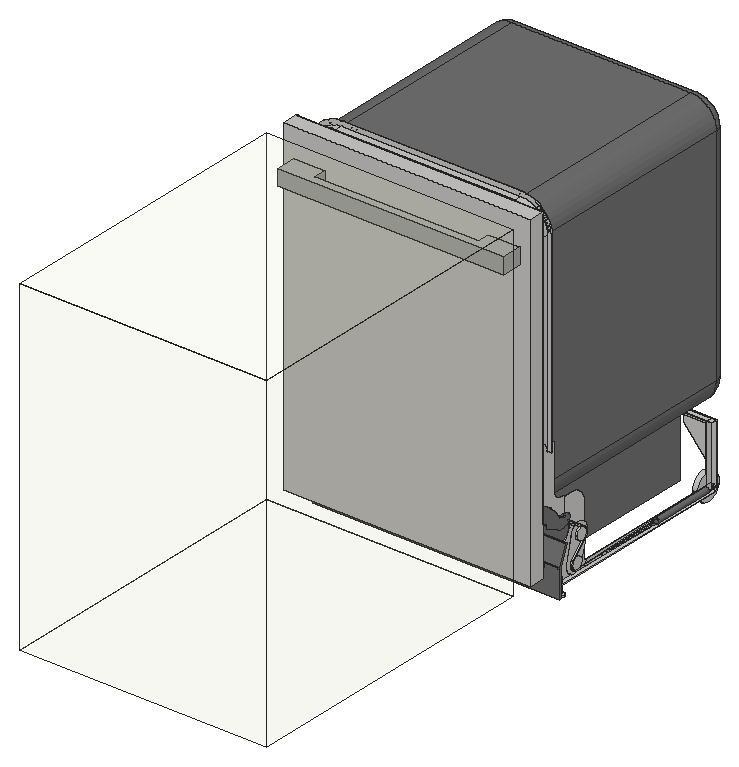
Revit family "P190780JX-055c_JDTSS246GM_Dish_Dishwashers", category Specialty Equipment, Revit 2026
Family settings
  Round Connector Dimension = Use Diameter
  Part Type = Normal
  Work Plane-Based = No
  Enable Cutting in Views = No
  Always vertical = Yes
  Cut with Voids When Loaded = No
  Maintain Annotation Orientation = No
  Shared = No
  Room Calculation Point = No
Parameters (values of type "JDTSS246GM")
  Width = 23 7/8"
  Voltage = 0 V
  URL = ""
  Show Clearance [instance] = yes
  Model = "JDTSS246GM"
  Manufacturer = "Jenn Air"
  Installation-Fabrication = "http://access.whirlpool.com/mr/getMediaType.do?mediaType=Installation Instruction&sku=JDTSS246GM&language=EN"
  Height = 34 1/2"
  Handle Material = ARCAT - Metal - Steel - Gray
  Feature 3 = "Precision Dry® Plus Option\r\nOption de séchage Precision Dry® Plus"
  Feature 2 = "38 dBA Quiet System\r\nSystème insonore de 38 dBA"
  Feature 1 = "TriFecta™ Wash System\r\nSystème de lavage TriFectaTM"
  Family Name = "DISHWASHERS NOIR"
  Energy Guide = "http://access.whirlpool.com/mr/getMediaType.do?mediaType=Energy Guide&sku=JDTSS246GM&language=EN"
  Drawn By = ""
  Door Material = ARCAT - Metal - Steel - Stainless
  Dimension Guide = "http://access.whirlpool.com/mr/getMediaType.do?mediaType=Dimension Guide&sku=JDTSS246GM&language=EN"
  Description = "NOIR™ 24\" TriFecta™ Dishwasher, 38 dBA\r\nLave-vaisselle TriFecta™  NOIR™, 38 dBA, 24 po"
  Depth = 26 1/2"
  Default Elevation = 0"
  Copyright = ""
  Clearance Material = ARCAT - Clearance
  Body Material = ARCAT - Plastic, ABS - Black
  Amps = 0 A
  Accent Material = ARCAT - Metal - Steel - Stainless
Reference planes (in)
  plane 1 "Center (Front/Back)": y = 0
  plane 2: z = 0
  plane 3 "Center (Left/Right)": x = 0
  plane 4: x = -11.9375
  plane 5: x = 11.9375
  plane 6: z = 34.5
  plane 7: y = -26.5
Forms (in)
  Extrusion 1, solid, material "ARCAT - Plastic, ABS - Black" <- "Body Material"
    sketch origin (-11.9375, -57.75476, 48) x (0, -1, 0) y (0, 0, 1)
      loop
        line (-36.75476, -48) -> (-36.75476, -45.30638)
        arc (-36.75476, -45.30638) -> (-36.75745, -45.28077) -> (-36.76541, -45.25628) r 0.12317
        line (-36.76541, -45.25628) -> (-37.54736, -43.5) -> (-37.68419, -43.5) -> (-36.87976, -45.30677) -> (-36.87976, -48) -> (-36.75476, -48)
    from 0 to -23.875
  Extrusion 2, solid, material "ARCAT - Plastic, ABS - Black" <- "Body Material"
    sketch origin (0, 0, -4.80271) x (1, 0, 0) y (0, 0, 1)
      loop
        circle (0, 13.96677) r 0.25
    from 0 to -0.03125
  Extrusion 3, solid, material "ARCAT - Metal - Steel - Stainless" <- "Accent Material"
    sketch origin (-11.9375, -23.09375, 48) x (-1, 0, 0) y (0, 0, 1)
      loop
        line (-3.28392, -13.96875) -> (-20.59108, -13.96875)
        arc (-20.59108, -13.96875) -> (-22.35885, -14.70098) -> (-23.09108, -16.46875) r 2.5
        line (-23.09108, -16.46875) -> (-23.09108, -37.5)
        arc (-23.09108, -37.5) -> (-22.35885, -39.26777) -> (-20.59108, -40) r 2.5
        line (-20.59108, -40) -> (-3.28392, -40)
        arc (-3.28392, -40) -> (-1.51615, -39.26777) -> (-0.78392, -37.5) r 2.5
        line (-0.78392, -37.5) -> (-0.78392, -16.46875)
        arc (-0.78392, -16.46875) -> (-1.51615, -14.70098) -> (-3.28392, -13.96875) r 2.5
      loop
        arc (-0.81517, -16.46875) -> (-1.53825, -14.72308) -> (-3.28392, -14) r 2.46875
        line (-3.28392, -14) -> (-20.59108, -14)
        arc (-20.59108, -14) -> (-22.33675, -14.72308) -> (-23.05983, -16.46875) r 2.46875
        line (-23.05983, -16.46875) -> (-23.05983, -37.5)
        arc (-23.05983, -37.5) -> (-22.33675, -39.24567) -> (-20.59108, -39.96875) r 2.46875
        line (-20.59108, -39.96875) -> (-3.28392, -39.96875)
        arc (-3.28392, -39.96875) -> (-1.53825, -39.24567) -> (-0.81517, -37.5) r 2.46875
        line (-0.81517, -37.5) -> (-0.81517, -16.46875)
    from 0.15625 to 1.5625
  Extrusion 4, solid, material "ARCAT - Metal - Steel - Stainless" <- "Accent Material"
    sketch origin (-10.81517, -20.875, 2.69323) x (0, 0, -1) y (-1, 0, 0)
      loop
        line (0, -22.125) -> (0, -22.625) -> (2.69323, -22.625) -> (2.69323, -22.125) -> (0, -22.125)
    from 0 to 0.03125
  Extrusion 5, solid, material "ARCAT - Metal - Steel - Stainless" <- "Accent Material"
    sketch origin (-58.87767, -180, 1) x (-1, 0, 0) y (0, -1, 0)
      loop
        line (-70.1875, -162.96208) -> (-70.1875, -159.2415) -> (-70.6875, -159.2415) -> (-70.6875, -162.96208) -> (-70.1875, -162.96208)
    from 0 to 0.03125
  Extrusion 6, solid, material "ARCAT - Metal - Steel - Stainless" <- "Accent Material"
    sketch origin (1.13796, -14.04043, 0) x (1, 0, 0) y (0, 1, 0)
      loop
        line (10.18942, -6.01357) -> (9.98605, -6.36582) -> (10.18942, -6.71808) -> (10.59617, -6.71808) -> (10.79954, -6.36582) -> (10.59617, -6.01357) -> (10.18942, -6.01357)
    from 0 to 0.17136
  Extrusion 7, solid, material "ARCAT - Metal - Steel - Stainless" <- "Accent Material"
    sketch origin (1.13796, -20.66768, 0.17136) x (1, 0, 0) y (0, -1, 0)
      loop
        circle (10.39279, -0.26143) r 0.11142
    from 0 to -1.41017
  Extrusion 8, solid, material "ARCAT - Metal - Steel - Stainless" <- "Accent Material"
    sketch origin (-11.9375, -21.5, 48) x (-1, 0, 0) y (0, 0, 1)
      loop
        arc (-3.28392, -14) -> (-1.53825, -14.72308) -> (-0.81517, -16.46875) r 2.46875
        line (-0.81517, -16.46875) -> (-0.81517, -35.1557) -> (-0.31517, -35.1557) -> (-0.31517, -16.46875)
        arc (-0.31517, -16.46875) -> (-1.18469, -14.36953) -> (-3.28392, -13.5) r 2.96875
        line (-3.28392, -13.5) -> (-20.59108, -13.5)
        arc (-20.59108, -13.5) -> (-22.69031, -14.36953) -> (-23.55983, -16.46875) r 2.96875
        line (-23.55983, -16.46875) -> (-23.55983, -35.1557) -> (-23.05983, -35.1557) -> (-23.05983, -16.46875)
        arc (-23.05983, -16.46875) -> (-22.33675, -14.72308) -> (-20.59108, -14) r 2.46875
        line (-20.59108, -14) -> (-3.28392, -14)
    from 0 to -0.03125
  Extrusion 9, solid, material "ARCAT - Plastic, ABS - Black" <- "Body Material"
    sketch origin (-11.9375, -21.5, 48) x (-1, 0, 0) y (0, 0, 1)
      loop
        arc (-3.28392, -14) -> (-1.53825, -14.72308) -> (-0.81517, -16.46875) r 2.46875
        line (-0.81517, -16.46875) -> (-0.81517, -35.1557) -> (-0.56517, -35.1557) -> (-0.56517, -16.46875)
        arc (-0.56517, -16.46875) -> (-1.36147, -14.5463) -> (-3.28392, -13.75) r 2.71875
        line (-3.28392, -13.75) -> (-20.59108, -13.75)
        arc (-20.59108, -13.75) -> (-22.51353, -14.5463) -> (-23.30983, -16.46875) r 2.71875
        line (-23.30983, -16.46875) -> (-23.30983, -35.1557) -> (-23.05983, -35.1557) -> (-23.05983, -16.46875)
        arc (-23.05983, -16.46875) -> (-22.33675, -14.72308) -> (-20.59108, -14) r 2.46875
        line (-20.59108, -14) -> (-3.28392, -14)
    from 0 to 0.03125
  Extrusion 10, solid, material "ARCAT - Plastic, ABS - Black" <- "Body Material"
    sketch origin (-11.9375, -21.46875, 48) x (-1, 0, 0) y (0, 0, 1)
      loop
        line (-23.05983, -16.46875) -> (-23.05983, -38.0625)
        arc (-23.05983, -38.0625) -> (-22.33675, -39.80817) -> (-20.59108, -40.53125) r 2.46875
        line (-20.59108, -40.53125) -> (-3.28392, -40.53125)
        arc (-3.28392, -40.53125) -> (-1.53825, -39.80817) -> (-0.81517, -38.0625) r 2.46875
        line (-0.81517, -38.0625) -> (-0.81517, -16.46875)
        arc (-0.81517, -16.46875) -> (-1.53825, -14.72308) -> (-3.28392, -14) r 2.46875
        line (-3.28392, -14) -> (-20.59108, -14)
        arc (-20.59108, -14) -> (-22.33675, -14.72308) -> (-23.05983, -16.46875) r 2.46875
    from 0 to 20.46875
  Extrusion 11, solid, material "ARCAT - Metal - Steel - Stainless" <- "Accent Material"
    sketch origin (10.81517, -20.875, 2.69323) x (0, 0, -1) y (-1, 0, 0)
      loop
        line (0, 22.125) -> (2.69323, 22.125) -> (2.69323, 22.625) -> (0, 22.625) -> (0, 22.125)
    from 0 to 0.03125
  Extrusion 12, solid, material "ARCAT - Metal - Steel - Stainless" <- "Accent Material"
    sketch origin (58.87767, -180, 1) x (1, 0, 0) y (0, 1, 0)
      loop
        line (-70.1875, 162.96208) -> (-70.6875, 162.96208) -> (-70.6875, 159.2415) -> (-70.1875, 159.2415) -> (-70.1875, 162.96208)
    from 0 to 0.03125
  Extrusion 13, solid, material "ARCAT - Metal - Steel - Stainless" <- "Accent Material"
    sketch origin (-1.13796, -14.04043, 0) x (-1, 0, 0) y (0, -1, 0)
      loop
        line (10.18942, 6.01357) -> (10.59617, 6.01357) -> (10.79954, 6.36582) -> (10.59617, 6.71808) -> (10.18942, 6.71808) -> (9.98605, 6.36582) -> (10.18942, 6.01357)
    from 0 to 0.17136
  Extrusion 14, solid, material "ARCAT - Metal - Steel - Stainless" <- "Accent Material"
    sketch origin (-1.13796, -20.66768, 0.17136) x (1, 0, 0) y (0, -1, 0)
      loop
        circle (-10.39279, -0.26143) r 0.11142
    from 0 to -1.41017
  Extrusion 15, solid, material "ARCAT - Metal - Steel - Stainless" <- "Accent Material"
    sketch origin (11.70828, -60, 48) x (0, -1, 0) y (0, 0, 1)
      loop
        line (-42.35258, -43.18837) -> (-39.90933, -41.86561)
        arc (-39.90933, -41.86561) -> (-39.83747, -41.59241) -> (-40.1147, -41.53817) r 0.19365
        line (-40.1147, -41.53817) -> (-42.37042, -43.1627)
        arc (-42.37042, -43.1627) -> (-42.63255, -43.59787) -> (-42.46637, -44.07795) r 0.59929
        line (-42.46637, -44.07795) -> (-40.99828, -45.58915)
        arc (-40.99828, -45.58915) -> (-40.89129, -46.20997) -> (-41.42303, -46.54779) r 0.56808
        line (-41.42303, -46.54779) -> (-50.31371, -46.35437)
        arc (-50.31371, -46.35437) -> (-50.51154, -46.5476) -> (-50.31439, -46.74153) r 0.19362
        line (-50.31439, -46.74153) -> (-41.39975, -46.57908)
        arc (-41.39975, -46.57908) -> (-40.85794, -46.21154) -> (-40.97573, -45.56751) r 0.59933
        line (-40.97573, -45.56751) -> (-42.44396, -44.05618)
        arc (-42.44396, -44.05618) -> (-42.60144, -43.60088) -> (-42.35258, -43.18837) r 0.56804
      loop
        line (-42.15383, -43.04523) -> (-39.92516, -41.83865)
        arc (-39.92516, -41.83865) -> (-39.86493, -41.60964) -> (-40.09732, -41.56416) r 0.16233
        line (-40.09732, -41.56416) -> (-42.15383, -43.04523)
      loop
        line (-42.19353, -46.56229) -> (-50.31449, -46.38561)
        arc (-50.31449, -46.38561) -> (-50.48039, -46.54766) -> (-50.31507, -46.71029) r 0.16237
        line (-50.31507, -46.71029) -> (-42.19353, -46.56229)
    from 0 to 0.125
  Extrusion 16, solid, material "ARCAT - Plastic, ABS - Black" <- "Body Material"
    sketch origin (11.73953, -60, 48.34143) x (0, -1, 0) y (0, 0, 1)
      loop
        arc (-37.03125, -39.45025) -> (-38.24485, -40.15261) -> (-39.12194, -41.24661) r 3.80767
        arc (-39.12194, -41.24661) -> (-39.18369, -41.32451) -> (-39.2689, -41.3757) r 0.27803
        line (-39.2689, -41.3757) -> (-39.84827, -41.59463) -> (-39.77234, -41.32042)
        arc (-39.77234, -41.32042) -> (-40.0881, -41.37906) -> (-40.36175, -41.54715) r 0.87948
        arc (-40.36175, -41.54715) -> (-40.4693, -41.73261) -> (-40.44872, -41.94601) r 0.35047
        arc (-40.44872, -41.94601) -> (-39.85658, -42.47082) -> (-39.07447, -42.35098) r 0.93155
        arc (-39.07447, -42.35098) -> (-38.43292, -41.97076) -> (-37.75311, -41.66416) r 6.70372
        arc (-37.75311, -41.66416) -> (-37.48919, -41.17994) -> (-37.03125, -40.87268) r 1.15813
        line (-37.03125, -40.87268) -> (-37.03125, -39.45025)
    from 0 to 0.03125
  Extrusion 17, solid, material "ARCAT - Plastic, ABS - Black" <- "Body Material"
    sketch origin (0, -17.03792, 1.03125) x (0, -1, 0) y (1, 0, 0)
      loop
        line (-14.6473, -8.65358) -> (3.03265, -8.65358) -> (3.03265, 8.65358) -> (-14.6473, 8.65358) -> (-14.6473, -8.65358)
    from 0 to 6.4375
  Extrusion 18, solid, material "ARCAT - Metal - Steel - Stainless" <- "Accent Material"
    sketch origin (11.80983, -17.03792, 1) x (-1, 0, 0) y (0, 0, 1)
      loop
        line (0, 0) -> (0.53125, 0) -> (0.53125, 0.55028) -> (0.5, 0.55028) -> (0.5, 0.03125) -> (0, 0.03125) -> (0, 0)
    from 0 to 15.17855
  Extrusion 19, solid, material "ARCAT - Metal - Steel - Stainless" <- "Accent Material"
    sketch origin (-11.80983, -17.03792, 1) x (1, 0, 0) y (0, 0, -1)
      loop
        line (0, 0) -> (0, -0.03125) -> (0.5, -0.03125) -> (0.5, -0.55028) -> (0.53125, -0.55028) -> (0.53125, 0) -> (0, 0)
    from 0 to 15.17855
  Extrusion 20, solid, material "ARCAT - Metal - Steel - Stainless" <- "Accent Material"
    sketch origin (11.30983, -21.5, 1) x (1, 0, 0) y (0, -1, 0)
      loop
        line (-0.03125, -19.64063) -> (-0.03125, -19.10938) -> (-0.0625, -19.10938) -> (-0.0625, -19.67188) -> (0.5, -19.67188) -> (0.5, -19.64063) -> (-0.03125, -19.64063)
    from 0 to -6.09375
  Extrusion 21, solid, material "ARCAT - Metal - Steel - Stainless" <- "Accent Material"
    sketch origin (-11.30983, -21.5, 1) x (1, 0, 0) y (0, -1, 0)
      loop
        line (0.03125, -19.64062) -> (-0.5, -19.64062) -> (-0.5, -19.67187) -> (0.0625, -19.67187) -> (0.0625, -19.10937) -> (0.03125, -19.10937) -> (0.03125, -19.64062)
    from 0 to -6.09375
  Extrusion 22, solid, material "ARCAT - Metal - Steel - Stainless" <- "Accent Material"
    sketch origin (-9.53075, -2.10938, 7.09375) x (1, 0, 0) y (0, 1, 0)
      loop
        line (21.34059, 0.28125) -> (-2.27908, 0.28125) -> (-2.27908, -0.28125) -> (21.34059, -0.28125) -> (21.34059, 0.28125)
    from 0 to 0.03125
  Extrusion 23, solid, material "ARCAT - Metal - Steel - Stainless" <- "Accent Material"
    sketch origin (-9.53075, -2.10938, 7.09375) x (0, 1, 0) y (1, 0, 0)
      loop
        line (0.25, -1.71658) -> (0.28125, -1.71658) -> (0.28125, 20.77809) -> (0.25, 20.77809) -> (0.25, -1.71658)
    from 0 to 0.59375
  Extrusion 24, solid, material "ARCAT - Metal - Steel - Stainless" <- "Accent Material"
    sketch origin (11.27858, -1.82813, 1) x (1, 0, 0) y (0, 0, -1)
      loop
        line (-2.59375, -6.125) -> (0.5, -6.125)
        arc (0.5, -6.125) -> (0.5221, -6.11585) -> (0.53125, -6.09375) r 0.03125
        line (0.53125, -6.09375) -> (0.53125, -4.90625)
        arc (0.53125, -4.90625) -> (0.5221, -4.88415) -> (0.5, -4.875) r 0.03125
        line (0.5, -4.875) -> (0.0625, -4.875)
        arc (0.0625, -4.875) -> (0.0404, -4.88415) -> (0.03125, -4.90625) r 0.03125
        line (0.03125, -4.90625) -> (0.03125, -5.59375)
        arc (0.03125, -5.59375) -> (0.0221, -5.61585) -> (0, -5.625) r 0.03125
        line (0, -5.625) -> (-0.4375, -5.625)
        arc (-0.4375, -5.625) -> (-0.4596, -5.61585) -> (-0.46875, -5.59375) r 0.03125
        line (-0.46875, -5.59375) -> (-0.46875, -4.89392)
        arc (-0.46875, -4.89392) -> (-0.46607, -4.87581) -> (-0.45825, -4.85925) r 0.0625
        line (-0.45825, -4.85925) -> (0.0127, -4.15283)
        arc (0.0127, -4.15283) -> (0.03521, -4.1324) -> (0.0647, -4.125) r 0.0625
        line (0.0647, -4.125) -> (0.5, -4.125)
        arc (0.5, -4.125) -> (0.5221, -4.11585) -> (0.53125, -4.09375) r 0.03125
        line (0.53125, -4.09375) -> (0.53125, -2.40625)
        arc (0.53125, -2.40625) -> (0.5221, -2.38415) -> (0.5, -2.375) r 0.03125
        line (0.5, -2.375) -> (-0.49811, -2.375)
        arc (-0.49811, -2.375) -> (-0.52452, -2.38086) -> (-0.54598, -2.39733) r 0.0625
        line (-0.54598, -2.39733) -> (-2.61038, -4.85757)
        arc (-2.61038, -4.85757) -> (-2.62123, -4.87637) -> (-2.625, -4.89775) r 0.0625
        line (-2.625, -4.89775) -> (-2.625, -6.09375)
        arc (-2.625, -6.09375) -> (-2.61585, -6.11585) -> (-2.59375, -6.125) r 0.03125
    from 0 to 0.03125
  Extrusion 25, solid, material "ARCAT - Metal - Steel - Stainless" <- "Accent Material"
    sketch origin (-11.27858, -1.82813, 1) x (-1, 0, 0) y (0, 0, 1)
      loop
        arc (-2.59375, 6.125) -> (-2.61585, 6.11585) -> (-2.625, 6.09375) r 0.03125
        line (-2.625, 6.09375) -> (-2.625, 4.89775)
        arc (-2.625, 4.89775) -> (-2.62123, 4.87637) -> (-2.61038, 4.85757) r 0.0625
        line (-2.61038, 4.85757) -> (-0.54598, 2.39733)
        arc (-0.54598, 2.39733) -> (-0.52452, 2.38086) -> (-0.49811, 2.375) r 0.0625
        line (-0.49811, 2.375) -> (0.5, 2.375)
        arc (0.5, 2.375) -> (0.5221, 2.38415) -> (0.53125, 2.40625) r 0.03125
        line (0.53125, 2.40625) -> (0.53125, 4.09375)
        arc (0.53125, 4.09375) -> (0.5221, 4.11585) -> (0.5, 4.125) r 0.03125
        line (0.5, 4.125) -> (0.0647, 4.125)
        arc (0.0647, 4.125) -> (0.03521, 4.1324) -> (0.0127, 4.15283) r 0.0625
        line (0.0127, 4.15283) -> (-0.45825, 4.85925)
        arc (-0.45825, 4.85925) -> (-0.46607, 4.87581) -> (-0.46875, 4.89392) r 0.0625
        line (-0.46875, 4.89392) -> (-0.46875, 5.59375)
        arc (-0.46875, 5.59375) -> (-0.4596, 5.61585) -> (-0.4375, 5.625) r 0.03125
        line (-0.4375, 5.625) -> (0, 5.625)
        arc (0, 5.625) -> (0.0221, 5.61585) -> (0.03125, 5.59375) r 0.03125
        line (0.03125, 5.59375) -> (0.03125, 4.90625)
        arc (0.03125, 4.90625) -> (0.0404, 4.88415) -> (0.0625, 4.875) r 0.03125
        line (0.0625, 4.875) -> (0.5, 4.875)
        arc (0.5, 4.875) -> (0.5221, 4.88415) -> (0.53125, 4.90625) r 0.03125
        line (0.53125, 4.90625) -> (0.53125, 6.09375)
        arc (0.53125, 6.09375) -> (0.5221, 6.11585) -> (0.5, 6.125) r 0.03125
        line (0.5, 6.125) -> (-2.59375, 6.125)
    from 0 to 0.03125
  Extrusion 26, solid, material "ARCAT - Plastic, ABS - Black" <- "Body Material"
    sketch origin (-0.19797, -8.93248, 1.45207) x (0, 0, -1) y (1, 0, 0)
      loop
        circle (0, 11.84375) r 0.25
    from 0 to -6.04769
  Sweep 27, solid, material "ARCAT - Plastic, ABS - Black" <- "Body Material"
    path origin (-0.19797, -9.37275, 1.45207) x (1, 0, 0) y (0, 1, 0)
      loop
        line (11.62549, 0.44027) -> (11.62549, -0.0685)
        arc (11.62549, -0.0685) -> (11.6621, -0.15688) -> (11.75049, -0.1935) r 0.125
        line (11.75049, -0.1935) -> (11.97876, -0.1935)
        arc (11.97876, -0.1935) -> (12.06715, -0.15688) -> (12.10376, -0.0685) r 0.125
        line (12.10376, -0.0685) -> (12.10376, 0.04066)
    profile origin (11.42752, -9.18686, 1.45207) x (1, 0, 0) y (0, 0, 1)
      loop
        circle (0, 0) r 0.03171
  Sweep 28, solid, material "ARCAT - Plastic, ABS - Black" <- "Body Material"
    path origin (23.48953, -2.44452, 1.45207) x (-1, 0, 0) y (0, -1, 0)
      loop
        line (11.62549, 0.44027) -> (11.62549, -0.63258)
        arc (11.62549, -0.63258) -> (11.6621, -0.72097) -> (11.75049, -0.75758) r 0.125
        line (11.75049, -0.75758) -> (11.83378, -0.75758)
        arc (11.83378, -0.75758) -> (11.92217, -0.72097) -> (11.95878, -0.63258) r 0.125
        line (11.95878, -0.63258) -> (11.95878, -0.38258)
    profile origin (11.86404, -2.34836, 1.45207) x (-1, 0, 0) y (0, 0, 1)
      loop
        circle (0, 0) r 0.03171
  Extrusion 29, solid, material "ARCAT - Plastic, ABS - Black" <- "Body Material"
    sketch origin (0.19797, -8.93248, 1.45207) x (0, 0, -1) y (1, 0, 0)
      loop
        circle (0, -11.84375) r 0.25
    from 0 to -6.04769
  Sweep 30, solid, material "ARCAT - Plastic, ABS - Black" <- "Body Material"
    path origin (0.19797, -9.37275, 1.45207) x (1, 0, 0) y (0, 1, 0)
      loop
        line (-11.62549, 0.44027) -> (-11.62549, -0.0685)
        arc (-11.62549, -0.0685) -> (-11.6621, -0.15688) -> (-11.75049, -0.1935) r 0.125
        line (-11.75049, -0.1935) -> (-11.97876, -0.1935)
        arc (-11.97876, -0.1935) -> (-12.06715, -0.15688) -> (-12.10376, -0.0685) r 0.125
        line (-12.10376, -0.0685) -> (-12.10376, 0.04066)
    profile origin (-11.42752, -9.18686, 1.45207) x (1, 0, 0) y (0, 0, 1)
      loop
        circle (0, 0) r 0.03171
  Sweep 31, solid, material "ARCAT - Plastic, ABS - Black" <- "Body Material"
    path origin (-23.48953, -2.44452, 1.45207) x (-1, 0, 0) y (0, -1, 0)
      loop
        line (-11.62549, 0.44027) -> (-11.62549, -0.63258)
        arc (-11.62549, -0.63258) -> (-11.6621, -0.72097) -> (-11.75049, -0.75758) r 0.125
        line (-11.75049, -0.75758) -> (-11.83378, -0.75758)
        arc (-11.83378, -0.75758) -> (-11.92217, -0.72097) -> (-11.95878, -0.63258) r 0.125
        line (-11.95878, -0.63258) -> (-11.95878, -0.38258)
    profile origin (-11.86404, -2.34836, 1.45207) x (-1, 0, 0) y (0, 0, 1)
      loop
        circle (0, 0) r 0.03171
  Extrusion 32, solid, material "ARCAT - Plastic, ABS - Black" <- "Body Material"
    sketch origin (-9.4995, -2.10938, 7.125) x (1, 0, 0) y (0, 1, 0)
      loop
        line (18.15309, 0.28125) -> (0.84592, 0.28125) -> (0.84592, -0.28125) -> (18.15309, -0.28125) -> (18.15309, 0.28125)
    from 0 to 0.34375
  Extrusion 33, solid, material "ARCAT - Metal - Steel - Stainless" <- "Accent Material"
    sketch origin (11.30983, -59.15625, 48.46875) x (0, 1, 0) y (0, 0, 1)
      loop
        arc (39.71323, -46.37519) -> (40.31236, -47.3718) -> (41.33324, -46.81503) r 0.84007
        line (41.33324, -46.81503) -> (42.09474, -44.41382)
        arc (42.09474, -44.41382) -> (41.44094, -43.21503) -> (40.27065, -43.91857) r 0.9459
        line (40.27065, -43.91857) -> (39.71323, -46.37519)
    from 0 to 0.125
  Extrusion 34, solid, material "ARCAT - Metal - Steel - Stainless" <- "Accent Material"
    sketch origin (11.43483, -59.15625, 48.46875) x (0, 1, 0) y (0, 0, 1)
      loop
        circle (41.19278, -44.12911) r 0.56804
      loop
        circle (40.56692, -46.4486) r 0.56808
    from 0 to 0.27345
  Sweep 35, solid, material "ARCAT - Plastic, ABS - Black" <- "Body Material"
    path origin (-11.9375, -1, 48) x (-1, 0, 0) y (0, 0, 1)
      loop
        arc (-23.05983, -38.0625) -> (-22.33675, -39.80817) -> (-20.59108, -40.53125) r 2.46875
        line (-20.59108, -40.53125) -> (-3.28392, -40.53125)
        arc (-3.28392, -40.53125) -> (-1.53825, -39.80817) -> (-0.81517, -38.0625) r 2.46875
        line (-0.81517, -38.0625) -> (-0.81517, -16.46875)
        arc (-0.81517, -16.46875) -> (-1.53825, -14.72308) -> (-3.28392, -14) r 2.46875
        line (-3.28392, -14) -> (-20.59108, -14)
        arc (-20.59108, -14) -> (-22.33675, -14.72308) -> (-23.05983, -16.46875) r 2.46875
        line (-23.05983, -16.46875) -> (-23.05983, -38.0625)
    profile origin (11.12233, -1, 20.73437) x (1, 0, 0) y (0, 1, 0)
      loop
        arc (0, 0) -> (-0.29289, 0.70711) -> (-1, 1) r 1
        line (-1, 1) -> (-1, 0) -> (0, 0)
  Extrusion 36, solid, material "ARCAT - Plastic, ABS - Black" <- "Body Material"
    sketch origin (8.65358, -1, 9.9375) x (0, 0, -1) y (1, 0, 0)
      loop
        arc (1.46875, 0) -> (1.03856, 1.03856) -> (0, 1.46875) r 1.46875
        line (0, 1.46875) -> (-21.59375, 1.46875)
        arc (-21.59375, 1.46875) -> (-22.63231, 1.03856) -> (-23.0625, 0) r 1.46875
        line (-23.0625, 0) -> (-23.0625, -17.30717)
        arc (-23.0625, -17.30717) -> (-22.63231, -18.34573) -> (-21.59375, -18.77592) r 1.46875
        line (-21.59375, -18.77592) -> (0, -18.77592)
        arc (0, -18.77592) -> (1.03856, -18.34573) -> (1.46875, -17.30717) r 1.46875
        line (1.46875, -17.30717) -> (1.46875, 0)
    from 0 to -1
  Extrusion 37, solid, material "ARCAT - Metal - Steel - Stainless" <- "Accent Material"
    sketch origin (-11.70828, -60, 48) x (0, -1, 0) y (0, 0, -1)
      loop
        arc (-42.35258, 43.18837) -> (-42.60144, 43.60088) -> (-42.44396, 44.05618) r 0.56804
        line (-42.44396, 44.05618) -> (-40.97573, 45.56751)
        arc (-40.97573, 45.56751) -> (-40.85794, 46.21154) -> (-41.39975, 46.57908) r 0.59933
        line (-41.39975, 46.57908) -> (-50.31439, 46.74153)
        arc (-50.31439, 46.74153) -> (-50.51154, 46.5476) -> (-50.31371, 46.35437) r 0.19362
        line (-50.31371, 46.35437) -> (-41.42303, 46.54779)
        arc (-41.42303, 46.54779) -> (-40.89129, 46.20997) -> (-40.99828, 45.58915) r 0.56808
        line (-40.99828, 45.58915) -> (-42.46637, 44.07795)
        arc (-42.46637, 44.07795) -> (-42.63255, 43.59787) -> (-42.37042, 43.1627) r 0.59929
        line (-42.37042, 43.1627) -> (-40.1147, 41.53817)
        arc (-40.1147, 41.53817) -> (-39.83747, 41.59241) -> (-39.90933, 41.86561) r 0.19365
        line (-39.90933, 41.86561) -> (-42.35258, 43.18837)
      loop
        line (-42.15383, 43.04523) -> (-40.09732, 41.56416)
        arc (-40.09732, 41.56416) -> (-39.86493, 41.60964) -> (-39.92516, 41.83865) r 0.16233
        line (-39.92516, 41.83865) -> (-42.15383, 43.04523)
      loop
        line (-42.19353, 46.56229) -> (-50.31507, 46.71029)
        arc (-50.31507, 46.71029) -> (-50.48039, 46.54766) -> (-50.31449, 46.38561) r 0.16237
        line (-50.31449, 46.38561) -> (-42.19353, 46.56229)
    from 0 to 0.125
  Extrusion 38, solid, material "ARCAT - Metal - Steel - Stainless" <- "Accent Material"
    sketch origin (-11.30983, -59.15625, 48.46875) x (0, 1, 0) y (0, 0, -1)
      loop
        line (39.71323, 46.37519) -> (40.27065, 43.91857)
        arc (40.27065, 43.91857) -> (41.44094, 43.21503) -> (42.09474, 44.41382) r 0.9459
        line (42.09474, 44.41382) -> (41.33324, 46.81503)
        arc (41.33324, 46.81503) -> (40.31236, 47.3718) -> (39.71323, 46.37519) r 0.84007
    from 0 to 0.125
  Extrusion 39, solid, material "ARCAT - Metal - Steel - Stainless" <- "Accent Material"
    sketch origin (-11.43483, -59.15625, 48.46875) x (0, 1, 0) y (0, 0, -1)
      loop
        circle (41.19278, 44.12911) r 0.56804
      loop
        circle (40.56692, 46.4486) r 0.56808
    from 0 to 0.27345
  Extrusion 40, void
    sketch origin (11.27858, -1.85938, 1) x (-1, 0, 0) y (0, 0, 1)
      loop
        circle (-0.25217, 0.45207) r 0.04001
    from 0 to 0.03125
  Extrusion 41, void
    sketch origin (-11.27858, -1.85938, 1) x (1, 0, 0) y (0, 0, -1)
      loop
        circle (-0.25217, -0.45207) r 0.04001
    from 0 to 0.03125
  Extrusion 42, solid, material "ARCAT - Metal - Steel - Stainless" <- "Accent Material"
    sketch origin (11.24733, -17.03792, 1) x (0, 1, 0) y (0, 0, -1)
      loop
        circle (14.91292, -0.27514) r 1.27514
    from 0 to 0.5
  Extrusion 43, solid, material "ARCAT - Metal - Steel - Stainless" <- "Accent Material"
    sketch origin (-11.24733, -17.03792, 1) x (0, 1, 0) y (0, 0, 1)
      loop
        circle (14.91292, 0.27514) r 1.27514
    from 0 to 0.5
  Extrusion 44, solid, material "ARCAT - Metal - Steel - Stainless" <- "Door Material"
    sketch origin (-11.9375, -24.75, 48) x (-1, 0, 0) y (0, 0, 1)
      loop
        line (0, -13.5) -> (-23.875, -13.5) -> (-23.875, -45.30677) -> (0, -45.30677) -> (0, -13.5)
    from 0.25 to 1.75
  Extrusion 45, solid, material "ARCAT - Metal - Steel - Stainless" <- "Accent Material"
    sketch origin (11.40358, -18.08524, 6.60462) x (-1, 0, 0) y (0, 1, 0)
      loop
        line (0.25, -1.42916) -> (0.125, -1.42916) -> (0.125, -1.46041) -> (0.25, -1.46041) -> (0.25, -1.42916)
    from 0 to -1.50578
  Extrusion 46, solid, material "ARCAT - Metal - Steel - Stainless" <- "Accent Material"
    sketch origin (11.15358, -19.54565, 6.60462) x (0, 1, 0) y (0, 0, -1)
      loop
        line (-3.21314, -6.89538) -> (-2.2981, -6.89538) -> (-2.0481, -6.46237) -> (-2.08196, -6.40371)
        arc (-2.08196, -6.40371) -> (-2.00272, -6.10796) -> (-1.70696, -6.18721) r 0.21651
        line (-1.70696, -6.18721) -> (-1.4231, -6.67888) -> (-1.1731, -6.67888) -> (-1.1731, -2.44552)
        arc (-1.1731, -2.44552) -> (-0.89785, -1.78103) -> (-0.23335, -1.50578) r 0.93974
        line (-0.23335, -1.50578) -> (0, -1.50578) -> (0, 0) -> (-1.42731, 0)
        arc (-1.42731, 0) -> (-2.69008, -0.52306) -> (-3.21314, -1.78583) r 1.78583
        line (-3.21314, -1.78583) -> (-3.21314, -6.89538)
    from 0 to -0.03125
  Extrusion 47, solid, material "ARCAT - Metal - Steel - Stainless" <- "Accent Material"
    sketch origin (11.30983, -60, 48) x (0, -1, 0) y (0, 0, 1)
      loop
        line (-40.45435, -41.39538) -> (-40.45435, -39.8896) -> (-41.36913, -39.8896)
        arc (-41.36913, -39.8896) -> (-42.31874, -40.28294) -> (-42.71208, -41.23255) r 1.34295
        line (-42.71208, -41.23255) -> (-42.71208, -46.44972) -> (-42.83708, -46.44972)
        arc (-42.83708, -46.44972) -> (-42.96208, -46.57472) -> (-42.83708, -46.69972) r 0.125
        line (-42.83708, -46.69972) -> (-42.71208, -46.69972) -> (-42.71208, -47) -> (-39.125, -47) -> (-39.125, -45.30677) -> (-39.51698, -45.30677)
        arc (-39.51698, -45.30677) -> (-39.81143, -45.22661) -> (-40.02462, -45.00824) r 0.58087
        arc (-40.02462, -45.00824) -> (-40.12678, -44.75314) -> (-40.16177, -44.48057) r 1.0879
        line (-40.16177, -44.48057) -> (-40.16207, -44.19133)
        arc (-40.16207, -44.19133) -> (-40.19548, -44.02862) -> (-40.29002, -43.89204) r 0.41501
        line (-40.29002, -43.89204) -> (-40.64867, -43.54855)
        arc (-40.64867, -43.54855) -> (-40.8962, -43.19077) -> (-40.98338, -42.76453) r 1.0856
        line (-40.98338, -42.76453) -> (-40.98338, -41.73676)
        arc (-40.98338, -41.73676) -> (-40.88339, -41.49537) -> (-40.642, -41.39538) r 0.34137
        line (-40.642, -41.39538) -> (-40.45435, -41.39538)
      loop
        circle (-42.83708, -46.57472) r 0.03157
    from 0 to 0.03125
  Extrusion 48, solid, material "ARCAT - Plastic, ABS - Black" <- "Body Material"
    sketch origin (-11.73953, -60, 48.34143) x (0, -1, 0) y (0, 0, -1)
      loop
        line (-37.03125, 39.45025) -> (-37.03125, 40.87268)
        arc (-37.03125, 40.87268) -> (-37.48919, 41.17994) -> (-37.75311, 41.66416) r 1.15813
        arc (-37.75311, 41.66416) -> (-38.43292, 41.97076) -> (-39.07447, 42.35098) r 6.70372
        arc (-39.07447, 42.35098) -> (-39.85658, 42.47082) -> (-40.44872, 41.94601) r 0.93155
        arc (-40.44872, 41.94601) -> (-40.4693, 41.73261) -> (-40.36175, 41.54715) r 0.35047
        arc (-40.36175, 41.54715) -> (-40.0881, 41.37906) -> (-39.77234, 41.32042) r 0.87948
        line (-39.77234, 41.32042) -> (-39.84827, 41.59463) -> (-39.2689, 41.3757)
        arc (-39.2689, 41.3757) -> (-39.18369, 41.32451) -> (-39.12194, 41.24661) r 0.27803
        arc (-39.12194, 41.24661) -> (-38.24485, 40.15261) -> (-37.03125, 39.45025) r 3.80767
    from 0 to 0.03125
  Extrusion 49, solid, material "ARCAT - Metal - Steel - Stainless" <- "Accent Material"
    sketch origin (-11.40358, -18.08524, 6.60462) x (-1, 0, 0) y (0, 1, 0)
      loop
        line (-0.25, -1.42916) -> (-0.25, -1.46041) -> (-0.125, -1.46041) -> (-0.125, -1.42916) -> (-0.25, -1.42916)
    from 0 to -1.50578
  Extrusion 50, solid, material "ARCAT - Metal - Steel - Stainless" <- "Accent Material"
    sketch origin (-11.15358, -19.54565, 6.60462) x (0, 1, 0) y (0, 0, 1)
      loop
        line (-3.21314, 6.89538) -> (-3.21314, 1.78583)
        arc (-3.21314, 1.78583) -> (-2.69008, 0.52306) -> (-1.42731, 0) r 1.78583
        line (-1.42731, 0) -> (0, 0) -> (0, 1.50578) -> (-0.23335, 1.50578)
        arc (-0.23335, 1.50578) -> (-0.89785, 1.78103) -> (-1.1731, 2.44552) r 0.93974
        line (-1.1731, 2.44552) -> (-1.1731, 6.67888) -> (-1.4231, 6.67888) -> (-1.70696, 6.18721)
        arc (-1.70696, 6.18721) -> (-2.00272, 6.10796) -> (-2.08196, 6.40371) r 0.21651
        line (-2.08196, 6.40371) -> (-2.0481, 6.46237) -> (-2.2981, 6.89538) -> (-3.21314, 6.89538)
    from 0 to -0.03125
  Extrusion 51, solid, material "ARCAT - Metal - Steel - Stainless" <- "Accent Material"
    sketch origin (-11.30983, -60, 48) x (0, -1, 0) y (0, 0, -1)
      loop
        line (-40.45435, 41.39538) -> (-40.642, 41.39538)
        arc (-40.642, 41.39538) -> (-40.88339, 41.49537) -> (-40.98338, 41.73676) r 0.34137
        line (-40.98338, 41.73676) -> (-40.98338, 42.76453)
        arc (-40.98338, 42.76453) -> (-40.8962, 43.19077) -> (-40.64867, 43.54855) r 1.0856
        line (-40.64867, 43.54855) -> (-40.29002, 43.89204)
        arc (-40.29002, 43.89204) -> (-40.19548, 44.02862) -> (-40.16207, 44.19133) r 0.41501
        line (-40.16207, 44.19133) -> (-40.16177, 44.48057)
        arc (-40.16177, 44.48057) -> (-40.12678, 44.75314) -> (-40.02462, 45.00824) r 1.0879
        arc (-40.02462, 45.00824) -> (-39.81143, 45.22661) -> (-39.51698, 45.30677) r 0.58087
        line (-39.51698, 45.30677) -> (-39.125, 45.30677) -> (-39.125, 47) -> (-42.71208, 47) -> (-42.71208, 46.69972) -> (-42.83708, 46.69972)
        arc (-42.83708, 46.69972) -> (-42.96208, 46.57472) -> (-42.83708, 46.44972) r 0.125
        line (-42.83708, 46.44972) -> (-42.71208, 46.44972) -> (-42.71208, 41.23255)
        arc (-42.71208, 41.23255) -> (-42.31874, 40.28294) -> (-41.36913, 39.8896) r 1.34295
        line (-41.36913, 39.8896) -> (-40.45435, 39.8896) -> (-40.45435, 41.39538)
      loop
        circle (-42.83708, 46.57472) r 0.03157
    from 0 to 0.03125
  Extrusion 52, solid, material "ARCAT - Clearance" <- "Clearance Material", visible <- "Show Clearance", detail levels medium+fine
    sketch origin (-11.9375, -25.27227, 48) x (1, 0, 0) y (0, 0, 1)
      loop
        line (0, -13.5) -> (0, -45.30677) -> (23.875, -45.30677) -> (23.875, -13.5) -> (0, -13.5)
    from 1.22773 to 31.04023
  Extrusion 53, solid, material "ARCAT - Plastic, ABS - Black" <- "Body Material"
    sketch origin (-11.9375, -23, 48) x (-1, 0, 0) y (0, 0, 1)
      loop
        line (-23.875, -13.53125) -> (-23.875, -40.53125) -> (0, -40.53125) -> (0, -13.53125) -> (-23.875, -13.53125)
    from 0 to 0.03125
  Extrusion 54, solid, material "ARCAT - Metal - Steel - Stainless" <- "Accent Material"
    sketch origin (-11.9375, -22.96875, 48) x (-1, 0, 0) y (0, 0, 1)
      loop
        line (-3.25267, -14) -> (-20.62233, -14)
        arc (-20.62233, -14) -> (-22.368, -14.72308) -> (-23.09108, -16.46875) r 2.46875
        line (-23.09108, -16.46875) -> (-23.09108, -37.5)
        arc (-23.09108, -37.5) -> (-22.368, -39.24567) -> (-20.62233, -39.96875) r 2.46875
        line (-20.62233, -39.96875) -> (-3.25267, -39.96875)
        arc (-3.25267, -39.96875) -> (-1.507, -39.24567) -> (-0.78392, -37.5) r 2.46875
        line (-0.78392, -37.5) -> (-0.78392, -16.46875)
        arc (-0.78392, -16.46875) -> (-1.507, -14.72308) -> (-3.25267, -14) r 2.46875
      loop
        line (-3.25267, -13.5) -> (-20.62233, -13.5)
        arc (-20.62233, -13.5) -> (-22.72156, -14.36953) -> (-23.59108, -16.46875) r 2.96875
        line (-23.59108, -16.46875) -> (-23.59108, -37.5)
        arc (-23.59108, -37.5) -> (-22.72156, -39.59922) -> (-20.62233, -40.46875) r 2.96875
        line (-20.62233, -40.46875) -> (-3.25267, -40.46875)
        arc (-3.25267, -40.46875) -> (-1.15344, -39.59922) -> (-0.28392, -37.5) r 2.96875
        line (-0.28392, -37.5) -> (-0.28392, -16.46875)
        arc (-0.28392, -16.46875) -> (-1.15344, -14.36953) -> (-3.25267, -13.5) r 2.96875
    from 0 to 0.03125
  Extrusion 55, solid, material "ARCAT - Metal - Steel - Gray" <- "Handle Material"
    sketch origin (-10.86659, -180, 30.25) x (0, -1, 0) y (-1, 0, 0)
      loop
        line (-155.5, 0.07091) -> (-155.5, -2.92909) -> (-154.25, -2.92909) -> (-154.25, -18.80409) -> (-155.5, -18.80409) -> (-155.5, -21.80409) -> (-153.5, -21.80409) -> (-153.5, 0.07091) -> (-155.5, 0.07091)
    from 0 to -1.5
  Blend 56, solid, material "ARCAT - Plastic, ABS - Black" <- "Body Material"
    base sketch origin (-11.9375, -21, 2.19323) x (0, 0, 1) y (-1, 0, 0)
      loop
        line (0.5, -1.5) -> (0.125, -1.5)
        arc (0.125, -1.5) -> (0, -1.625) -> (0.125, -1.75) r 0.125
        line (0.125, -1.75) -> (0.5, -1.75) -> (0.5, -1.5)
    top sketch origin (-11.9375, -21, 2.19323) x (0, 0, 1) y (-1, 0, 0)
      loop
        line (0.5, -1.53125) -> (0.125, -1.53125)
        arc (0.125, -1.53125) -> (0.03125, -1.625) -> (0.125, -1.71875) r 0.09375
        line (0.125, -1.71875) -> (0.5, -1.71875) -> (0.5, -1.53125)
    from 0 to 0.0625
  Blend 57, solid, material "ARCAT - Plastic, ABS - Black" <- "Body Material"
    base sketch origin (-1.625, -21, 2.19323) x (0, 0, 1) y (-1, 0, 0)
      loop
        line (0.5, -1.5) -> (0.125, -1.5)
        arc (0.125, -1.5) -> (0, -1.625) -> (0.125, -1.75) r 0.125
        line (0.125, -1.75) -> (0.5, -1.75) -> (0.5, -1.5)
    top sketch origin (-1.625, -21, 2.19323) x (0, 0, 1) y (-1, 0, 0)
      loop
        line (0.5, -1.53125) -> (0.125, -1.53125)
        arc (0.125, -1.53125) -> (0.03125, -1.625) -> (0.125, -1.71875) r 0.09375
        line (0.125, -1.71875) -> (0.5, -1.71875) -> (0.5, -1.53125)
    from 0 to 0.0625
  Blend 58, solid, material "ARCAT - Plastic, ABS - Black" <- "Body Material"
    base sketch origin (8.6875, -21, 2.19323) x (0, 0, 1) y (-1, 0, 0)
      loop
        line (0.5, -1.5) -> (0.125, -1.5)
        arc (0.125, -1.5) -> (0, -1.625) -> (0.125, -1.75) r 0.125
        line (0.125, -1.75) -> (0.5, -1.75) -> (0.5, -1.5)
    top sketch origin (8.6875, -21, 2.19323) x (0, 0, 1) y (-1, 0, 0)
      loop
        line (0.5, -1.53125) -> (0.125, -1.53125)
        arc (0.125, -1.53125) -> (0.03125, -1.625) -> (0.125, -1.71875) r 0.09375
        line (0.125, -1.71875) -> (0.5, -1.71875) -> (0.5, -1.53125)
    from 0 to 0.0625
Cuts and joins
  joined: Extrusion 9, Extrusion 10, Sweep 35, Extrusion 36
  joined: Extrusion 17, Extrusion 32
  Extrusion 41 cuts Sweep 28
  Extrusion 40, Extrusion 41 cuts Extrusion 4
  Extrusion 40, Extrusion 41 cuts Extrusion 5
  Extrusion 40, Extrusion 41 cuts Extrusion 7
  Extrusion 40, Extrusion 41 cuts Extrusion 11
  Extrusion 40, Extrusion 41 cuts Extrusion 12
  Extrusion 40, Extrusion 41 cuts Extrusion 14
  Extrusion 40, Extrusion 41 cuts Extrusion 18
  Extrusion 40, Extrusion 41 cuts Extrusion 19
  Extrusion 40, Extrusion 41 cuts Extrusion 20
  Extrusion 40, Extrusion 41 cuts Extrusion 21
  Extrusion 40, Extrusion 41 cuts Extrusion 22
  Extrusion 40, Extrusion 41 cuts Extrusion 23
  joined: Extrusion 4, Extrusion 5, Extrusion 7, Extrusion 11, Extrusion 12, Extrusion 14, Extrusion 18, Extrusion 19, Extrusion 20, Extrusion 21, Extrusion 22, Extrusion 23, Extrusion 45, Extrusion 46, Extrusion 47, Extrusion 49, Extrusion 50, Extrusion 51
Lines and regions (in)
  symbolic lines, style "SpecialityEquipment"
    curve 1: line (-11.9375, -24.5, 0) -> (11.9375, -24.5, 0)
    curve 2: line (-11.9375, 0, 0) -> (-11.9375, -24.5, 0)
    curve 3: line (11.9375, 0, 0) -> (-11.9375, 0, 0)
    curve 4: line (11.9375, -24.5, 0) -> (11.9375, 0, 0)
    curve 5: line (-10.9375, -24.5, 30.25) -> (-10.9375, -26.5, 30.25)
    curve 6: line (-10.9375, -26.5, 30.25) -> (10.9375, -26.5, 30.25)
    curve 7: line (10.9375, -26.5, 30.25) -> (10.9375, -24.5, 30.25)
    curve 8: line (7.9375, -24.5, 30.25) -> (7.9375, -25.75, 30.25)
    curve 9: line (7.9375, -25.75, 30.25) -> (-7.9375, -25.75, 30.25)
    curve 10: line (-7.9375, -25.75, 30.25) -> (-7.9375, -24.5, 30.25)
Dimensions and locks (in)
  "Width": plane 4 to plane 5
  "Height": plane 6 to plane 2
  equal spacing: plane 4, plane 3 "Center (Left/Right)", plane 5
  "Depth": plane 7 to plane 1 "Center (Front/Back)"
  aligned and locked: plane 2 to level
Automatic sketch dimensions
  plane 1 "Center (Front/Back)" to curve 3 = 0"
  curve 3 to plane 4 = 0"
  curve 3 to plane 5 = 0"
  Extrusion 1 sketch curve to level = 0"
  Extrusion 1 sketch curve to Extrusion 1 sketch curve = 0.13683"
  Extrusion 1 sketch curve to Extrusion 1 sketch curve = 0.00183"
  Extrusion 1 sketch curve to Extrusion 1 sketch curve = 0.11252"
  Extrusion 1 sketch curve to Extrusion 1 sketch curve = 0.01065"
  level to Extrusion 1 sketch curve = 2.69323"
  Extrusion 1 sketch curve to Extrusion 1 sketch curve = 0.00039"
  Extrusion 1 sketch curve to Extrusion 1 sketch curve = 1.75628"
  Extrusion 2 sketch curve to plane 3 "Center (Left/Right)" = 0"
  level to Extrusion 2 sketch curve = 9 21/128"
  Extrusion 3 sketch curve to Extrusion 3 sketch curve = 0"  (x8)
  plane 5 to Extrusion 3 sketch curve = 0.78392"
  Extrusion 3 sketch curve to Extrusion 3 sketch curve = 1/32"
  Extrusion 3 sketch curve to Extrusion 3 sketch curve = 2 15/32"  (x2)
  Extrusion 3 sketch curve to plane 4 = 3.28392"  (x2)
  Extrusion 3 sketch curve to plane 4 = 0.81517"
  level to Extrusion 3 sketch curve = 8"
  plane 6 to Extrusion 3 sketch curve = 2 31/32"
  Extrusion 4 sketch curve to level = 0"
  plane 5 to Extrusion 4 sketch curve = 0.62767"
  level to Extrusion 4 sketch curve = 2.69323"
  plane 5 to Extrusion 4 sketch curve = 0.12767"
  plane 5 to Extrusion 5 sketch curve = 0.12767"
  Extrusion 5 sketch curve to Extrusion 5 sketch curve = 1/2"
  Extrusion 5 sketch curve to Extrusion 5 sketch curve = 3.72058"
  Extrusion 6 sketch curve to plane 5 = 0"
  plane 5 to Extrusion 6 sketch curve = 0.20337"  (x2)
  Extrusion 6 sketch curve to Extrusion 6 sketch curve = 0.40675"  (x2)
  Extrusion 6 sketch curve to Extrusion 6 sketch curve = 0.20337"
  Extrusion 6 sketch curve to Extrusion 6 sketch curve = 0.35225"  (x3)
  plane 5 to Extrusion 7 sketch curve = 0.40675"
  Extrusion 8 sketch curve to Extrusion 8 sketch curve = 0"  (x4)
  Extrusion 8 sketch curve to plane 6 = 0"
  plane 5 to Extrusion 8 sketch curve = 0.31517"
  Extrusion 8 sketch curve to Extrusion 8 sketch curve = 1/2"
  Extrusion 8 sketch curve to Extrusion 8 sketch curve = 2 15/32"
  Extrusion 8 sketch curve to plane 4 = 3.28392"
  Extrusion 8 sketch curve to plane 4 = 0.81517"
  level to Extrusion 8 sketch curve = 12.8443"  (x2)
  Extrusion 9 sketch curve to Extrusion 9 sketch curve = 0"  (x4)
  plane 5 to Extrusion 9 sketch curve = 0.56517"
  Extrusion 9 sketch curve to Extrusion 9 sketch curve = 1/4"
  Extrusion 9 sketch curve to Extrusion 9 sketch curve = 2 15/32"
  plane 6 to Extrusion 9 sketch curve = 1/4"
  Extrusion 9 sketch curve to plane 4 = 3.28392"
  Extrusion 9 sketch curve to plane 4 = 0.81517"
  level to Extrusion 9 sketch curve = 12.8443"  (x2)
  Extrusion 10 sketch curve to Extrusion 9 = 0"
  Extrusion 10 sketch curve to Extrusion 10 sketch curve = 2 15/32"  (x2)
  Extrusion 9 to Extrusion 10 sketch curve = 2 15/32"
  Extrusion 9 to Extrusion 10 sketch curve = 2.9068"
  Extrusion 11 sketch curve to level = 0"
  Extrusion 11 sketch curve to plane 4 = 0.62767"
  level to Extrusion 11 sketch curve = 2.69323"
  Extrusion 11 sketch curve to plane 4 = 0.12767"
  Extrusion 12 sketch curve to plane 4 = 0.12767"
  Extrusion 12 sketch curve to Extrusion 12 sketch curve = 1/2"
  Extrusion 12 sketch curve to Extrusion 12 sketch curve = 3.72058"
  Extrusion 13 sketch curve to plane 4 = 0"
  Extrusion 13 sketch curve to plane 4 = 0.20337"  (x2)
  Extrusion 13 sketch curve to Extrusion 13 sketch curve = 0.40675"  (x2)
  Extrusion 13 sketch curve to Extrusion 13 sketch curve = 0.20337"
  Extrusion 13 sketch curve to Extrusion 13 sketch curve = 0.35225"  (x3)
  Extrusion 14 sketch curve to plane 4 = 0.40675"
  Extrusion 15 sketch curve to Extrusion 15 sketch curve = 0"  (x6)
  level to Extrusion 15 sketch curve = 1.45206"
  plane 1 "Center (Front/Back)" to Extrusion 15 sketch curve = 9.68198"
  Extrusion 15 sketch curve to Extrusion 15 sketch curve = 0.0001"
  level to Extrusion 15 sketch curve = 1.28971"
  Extrusion 15 sketch curve to Extrusion 15 sketch curve = 0.00285"
  level to Extrusion 15 sketch curve = 1.61439"
  level to Extrusion 15 sketch curve = 1.25847"
  Extrusion 15 sketch curve to Extrusion 15 sketch curve = 0.00067"
  level to Extrusion 15 sketch curve = 1.64563"
  Extrusion 15 sketch curve to Extrusion 15 sketch curve = 0.00078"
  Extrusion 15 sketch curve to Extrusion 15 sketch curve = 0.02241"
  level to Extrusion 15 sketch curve = 4.8373"
  Extrusion 15 sketch curve to Extrusion 15 sketch curve = 0.07354"
  Extrusion 15 sketch curve to Extrusion 15 sketch curve = 0.01784"
  level to Extrusion 15 sketch curve = 1.43771"
  Extrusion 15 sketch curve to Extrusion 15 sketch curve = 0.27285"
  Extrusion 15 sketch curve to Extrusion 15 sketch curve = 0.19875"
  Extrusion 15 sketch curve to Extrusion 15 sketch curve = 0.31605"
  level to Extrusion 15 sketch curve = 1.45221"
  Extrusion 15 sketch curve to Extrusion 15 sketch curve = 0.7705"
  Extrusion 15 sketch curve to Extrusion 15 sketch curve = 0.01236"
  level to Extrusion 15 sketch curve = 1.42092"
  Extrusion 15 sketch curve to Extrusion 15 sketch curve = 0.02328"
  level to Extrusion 15 sketch curve = 2.41085"
  Extrusion 15 sketch curve to Extrusion 15 sketch curve = 0.41239"
  level to Extrusion 15 sketch curve = 2.43249"
  Extrusion 15 sketch curve to Extrusion 15 sketch curve = 2.03913"
  Extrusion 15 sketch curve to Extrusion 15 sketch curve = 0.01738"
  Extrusion 15 sketch curve to Extrusion 15 sketch curve = 0.09487"
  Extrusion 15 sketch curve to Extrusion 15 sketch curve = 0.00092"
  Extrusion 15 sketch curve to Extrusion 15 sketch curve = 0.07729"
  Extrusion 15 sketch curve to Extrusion 15 sketch curve = 0.01583"
  Extrusion 15 sketch curve to Extrusion 15 sketch curve = 0.91525"
  Extrusion 15 sketch curve to Extrusion 15 sketch curve = 0.02178"
  Extrusion 15 sketch curve to Extrusion 15 sketch curve = 0.14314"
  Extrusion 15 sketch curve to Extrusion 15 sketch curve = 1.17962"
  Extrusion 15 sketch curve to Extrusion 15 sketch curve = 0.02696"
  Extrusion 15 sketch curve to Extrusion 15 sketch curve = 0.14276"
  Extrusion 15 sketch curve to Extrusion 15 sketch curve = 0.00058"
  Extrusion 16 sketch curve to Extrusion 16 sketch curve = 0.2786"
  Extrusion 16 sketch curve to Extrusion 16 sketch curve = 0.07594"
  Extrusion 16 sketch curve to Extrusion 16 sketch curve = 0.25502"
  Extrusion 16 sketch curve to Extrusion 16 sketch curve = 0.40516"
  Extrusion 16 sketch curve to Extrusion 16 sketch curve = 0.09828"
  level to Extrusion 16 sketch curve = 0.4225"
  Extrusion 16 sketch curve to Extrusion 16 sketch curve = 4.8783"
  Extrusion 16 sketch curve to Extrusion 16 sketch curve = 0.84073"
  Extrusion 16 sketch curve to Extrusion 16 sketch curve = 1.08027"
  Extrusion 16 sketch curve to Extrusion 16 sketch curve = 0.39263"
  Extrusion 16 sketch curve to Extrusion 16 sketch curve = 0.21264"
  Extrusion 16 sketch curve to Extrusion 16 sketch curve = 0.01738"
  Extrusion 16 sketch curve to Extrusion 16 sketch curve = 0.20156"
  Extrusion 16 sketch curve to Extrusion 16 sketch curve = 0.27421"
  Extrusion 16 sketch curve to Extrusion 16 sketch curve = 0.26008"
  Extrusion 16 sketch curve to Extrusion 16 sketch curve = 1.08769"
  Extrusion 16 sketch curve to Extrusion 16 sketch curve = 1.42243"
  Extrusion 16 sketch curve to Extrusion 16 sketch curve = 0"  (x3)
  plane 1 "Center (Front/Back)" to Extrusion 17 sketch curve = 2 25/64"
  Extrusion 17 sketch curve to plane 4 = 3.28392"
  plane 5 to Extrusion 17 sketch curve = 3.28392"
  Extrusion 18 sketch curve to Extrusion 5 = 0"  (x3)
  Extrusion 5 to Extrusion 18 sketch curve = 0"
  Extrusion 5 to Extrusion 18 sketch curve = 1/32"
  Extrusion 18 sketch curve to Extrusion 5 = 0.51903"
  Extrusion 19 sketch curve to Extrusion 5 = 0"  (x2)
  Extrusion 5 to Extrusion 19 sketch curve = 23.11967"
  Extrusion 19 sketch curve to Extrusion 19 sketch curve = 1/2"
  Extrusion 19 sketch curve to Extrusion 19 sketch curve = 1/32"
  Extrusion 19 sketch curve to Extrusion 5 = 0.51903"
  plane 5 to Extrusion 20 sketch curve = 0.69017"
  Extrusion 20 sketch curve to Extrusion 20 sketch curve = 1/32"  (x2)
  plane 5 to Extrusion 20 sketch curve = 0.12767"
  plane 1 "Center (Front/Back)" to Extrusion 20 sketch curve = 2 25/64"
  Extrusion 20 sketch curve to Extrusion 20 sketch curve = 17/32"
  Extrusion 21 sketch curve to plane 4 = 0.12767"
  Extrusion 21 sketch curve to Extrusion 21 sketch curve = 17/32"  (x2)
  Extrusion 21 sketch curve to Extrusion 21 sketch curve = 1/32"  (x2)
  plane 1 "Center (Front/Back)" to Extrusion 21 sketch curve = 2 25/64"
  Extrusion 22 sketch curve to plane 4 = 0.12767"
  plane 5 to Extrusion 22 sketch curve = 0.12767"
  plane 1 "Center (Front/Back)" to Extrusion 22 sketch curve = 2 25/64"
  Extrusion 22 sketch curve to Extrusion 22 sketch curve = 9/16"
  Extrusion 22 to Extrusion 23 sketch curve = 0"
  Extrusion 23 sketch curve to Extrusion 23 sketch curve = 1/32"
  Extrusion 22 to Extrusion 23 sketch curve = 9/16"  (x2)
  Extrusion 24 sketch curve to Extrusion 20 = 0"  (x4)
  Extrusion 24 sketch curve to Extrusion 24 sketch curve = 1/32"  (x7)
  Extrusion 24 sketch curve to Extrusion 20 = 1/32"
  Extrusion 20 to Extrusion 24 sketch curve = 0.09595"
  Extrusion 20 to Extrusion 24 sketch curve = 3/32"
  Extrusion 20 to Extrusion 24 sketch curve = 0.04395"
  Extrusion 20 to Extrusion 24 sketch curve = 1/32"
  Extrusion 24 sketch curve to Extrusion 20 = 3/8"
  Extrusion 24 sketch curve to Extrusion 20 = 13/32"
  Extrusion 24 sketch curve to Extrusion 24 sketch curve = 0.052"
  Extrusion 24 sketch curve to Extrusion 20 = 0.46686"
  Extrusion 24 sketch curve to Extrusion 24 sketch curve = 0.04788"
  Extrusion 24 sketch curve to Extrusion 24 sketch curve = 2 3/32"
  Extrusion 20 to Extrusion 24 sketch curve = 1.23618"
  Extrusion 24 sketch curve to Extrusion 24 sketch curve = 0.01462"
  Extrusion 20 to Extrusion 24 sketch curve = 15/32"
  Extrusion 24 sketch curve to Extrusion 24 sketch curve = 11/16"  (x2)
  Extrusion 24 sketch curve to Extrusion 24 sketch curve = 0.01233"
  Extrusion 24 sketch curve to Extrusion 24 sketch curve = 0.03467"
  Extrusion 24 sketch curve to Extrusion 24 sketch curve = 1 11/16"
  Extrusion 25 sketch curve to Extrusion 20 = 0"  (x2)
  Extrusion 20 to Extrusion 25 sketch curve = 1.196"
  Extrusion 25 sketch curve to Extrusion 20 = 19.90092"
  Extrusion 20 to Extrusion 25 sketch curve = 1.23618"
  Extrusion 25 sketch curve to Extrusion 25 sketch curve = 0.01462"
  Extrusion 25 sketch curve to Extrusion 20 = 1/32"
  Extrusion 20 to Extrusion 25 sketch curve = 2.39733"
  Extrusion 25 sketch curve to Extrusion 25 sketch curve = 2.06439"
  Extrusion 25 sketch curve to Extrusion 25 sketch curve = 0.04788"
  Extrusion 25 sketch curve to Extrusion 25 sketch curve = 2 3/32"
  Extrusion 20 to Extrusion 25 sketch curve = 1.2345"
  Extrusion 25 sketch curve to Extrusion 25 sketch curve = 0.0105"
  Extrusion 25 sketch curve to Extrusion 25 sketch curve = 1/32"  (x5)
  Extrusion 25 sketch curve to Extrusion 25 sketch curve = 0.052"  (x2)
  Extrusion 25 sketch curve to Extrusion 25 sketch curve = 7/16"
  Extrusion 20 to Extrusion 25 sketch curve = 1.94092"
  Extrusion 25 sketch curve to Extrusion 25 sketch curve = 0.47095"
  Extrusion 25 sketch curve to Extrusion 25 sketch curve = 1/2"
  Extrusion 25 sketch curve to Extrusion 25 sketch curve = 0.99811"
  Extrusion 25 sketch curve to Extrusion 25 sketch curve = 0.4353"
  Extrusion 25 sketch curve to Extrusion 25 sketch curve = 0.02233"
  Extrusion 25 sketch curve to Extrusion 25 sketch curve = 0.05908"
  Extrusion 25 sketch curve to Extrusion 25 sketch curve = 3/4"
  Extrusion 20 to Extrusion 25 sketch curve = 1/2"
  plane 5 to Extrusion 26 sketch curve = 0.29172"
  level to Extrusion 26 sketch curve = 1.45207"
  plane 5 to Sweep 27 sketch curve = 0.50998"
  Sweep 27 sketch curve to Sweep 27 sketch curve = 1/8"
  plane 5 to Sweep 27 sketch curve = 0.15671"
  plane 5 to Sweep 27 sketch curve = 0.03171"
  plane 1 "Center (Front/Back)" to Sweep 27 sketch curve = 9.56624"
  Sweep 27 sketch curve to Sweep 27 sketch curve = 0.10916"
  Sweep 27 sketch curve to Sweep 27 sketch curve = 0.50876"
  profile plane to Sweep 27 sketch curve = 0"
  Sweep 27 sketch curve to profile plane = 0"
  plane 5 to Sweep 28 sketch curve = 0.07346"
  Sweep 28 sketch curve to Sweep 28 sketch curve = 1/8"  (x2)
  Sweep 28 sketch curve to Sweep 28 sketch curve = 0.08329"
  plane 1 "Center (Front/Back)" to Sweep 28 sketch curve = 1.68694"
  Sweep 28 sketch curve to Sweep 28 sketch curve = 1/4"
  Sweep 28 sketch curve to Sweep 28 sketch curve = 0.82285"
  Sweep 28 sketch curve to profile plane = 0"  (x2)
  Extrusion 29 sketch curve to plane 4 = 0.29172"
  level to Extrusion 29 sketch curve = 1.45207"
  Sweep 30 sketch curve to plane 4 = 0.03171"
  Sweep 30 sketch curve to plane 4 = 0.15671"
  Sweep 30 sketch curve to Sweep 30 sketch curve = 0.22827"
  Sweep 30 sketch curve to Sweep 30 sketch curve = 1/8"
  plane 1 "Center (Front/Back)" to Sweep 30 sketch curve = 9.56624"
  Sweep 30 sketch curve to Sweep 30 sketch curve = 0.10916"
  Sweep 30 sketch curve to Sweep 30 sketch curve = 0.50876"
  profile plane to Sweep 30 sketch curve = 0"
  Sweep 30 sketch curve to profile plane = 0"
  Sweep 31 sketch curve to plane 4 = 0.40675"
  Sweep 31 sketch curve to Sweep 31 sketch curve = 1/8"
  Sweep 31 sketch curve to Sweep 31 sketch curve = 0.08329"
  Sweep 31 sketch curve to plane 4 = 0.07346"
  plane 1 "Center (Front/Back)" to Sweep 31 sketch curve = 1.68694"
  Sweep 31 sketch curve to Sweep 31 sketch curve = 1/4"
  Sweep 31 sketch curve to Sweep 31 sketch curve = 0.82285"
  Sweep 31 sketch curve to profile plane = 0"  (x2)
  Extrusion 32 sketch curve to plane 4 = 3.28392"
  plane 5 to Extrusion 32 sketch curve = 3.28392"
  plane 1 "Center (Front/Back)" to Extrusion 32 sketch curve = 2 25/64"
  Extrusion 32 sketch curve to Extrusion 32 sketch curve = 9/16"
  level to Extrusion 33 sketch curve = 2.09356"
  Extrusion 33 sketch curve to Extrusion 33 sketch curve = 0.55742"
  Extrusion 33 sketch curve to Extrusion 33 sketch curve = 0.81924"
  Extrusion 33 sketch curve to Extrusion 33 sketch curve = 0.92245"
  level to Extrusion 33 sketch curve = 1.65372"
  Extrusion 33 sketch curve to Extrusion 33 sketch curve = 205/256"
  level to Extrusion 33 sketch curve = 4.05493"
  Extrusion 33 sketch curve to Extrusion 33 sketch curve = 0.90164"
  Extrusion 33 sketch curve to Extrusion 33 sketch curve = 0.28594"
  Extrusion 34 sketch curve to Extrusion 33 = 0.84124"
  Extrusion 34 sketch curve to Extrusion 33 = 0.84877"
  Extrusion 34 sketch curve to Extrusion 34 sketch curve = 0.62586"
  Extrusion 34 sketch curve to Extrusion 34 sketch curve = 2.31949"
  Sweep 35 sketch curve to Sweep 35 sketch curve = 2 15/32"
  Sweep 35 sketch curve to Extrusion 10 = 2 15/32"
  Sweep 35 sketch curve to profile plane = 0"  (x2)
  profile plane to Sweep 35 sketch curve = 1"
  plane 6 to Extrusion 36 sketch curve = 1 1/2"
  Extrusion 36 sketch curve to Extrusion 36 sketch curve = 1 15/32"  (x3)
  plane 5 to Extrusion 36 sketch curve = 1.81517"
  level to Extrusion 36 sketch curve = 9 15/16"  (x2)
  Extrusion 36 sketch curve to plane 4 = 3.28392"
  Extrusion 37 sketch curve to Extrusion 37 sketch curve = 0"  (x6)
  level to Extrusion 37 sketch curve = 1.45206"
  plane 1 "Center (Front/Back)" to Extrusion 37 sketch curve = 9.68198"
  Extrusion 37 sketch curve to Extrusion 37 sketch curve = 0.0001"
  level to Extrusion 37 sketch curve = 1.28971"
  Extrusion 37 sketch curve to Extrusion 37 sketch curve = 0.00285"
  level to Extrusion 37 sketch curve = 1.61439"
  level to Extrusion 37 sketch curve = 1.25847"
  Extrusion 37 sketch curve to Extrusion 37 sketch curve = 0.00067"
  level to Extrusion 37 sketch curve = 1.64563"
  Extrusion 37 sketch curve to Extrusion 37 sketch curve = 0.00078"
  Extrusion 37 sketch curve to Extrusion 37 sketch curve = 0.02241"
  level to Extrusion 37 sketch curve = 4.8373"
